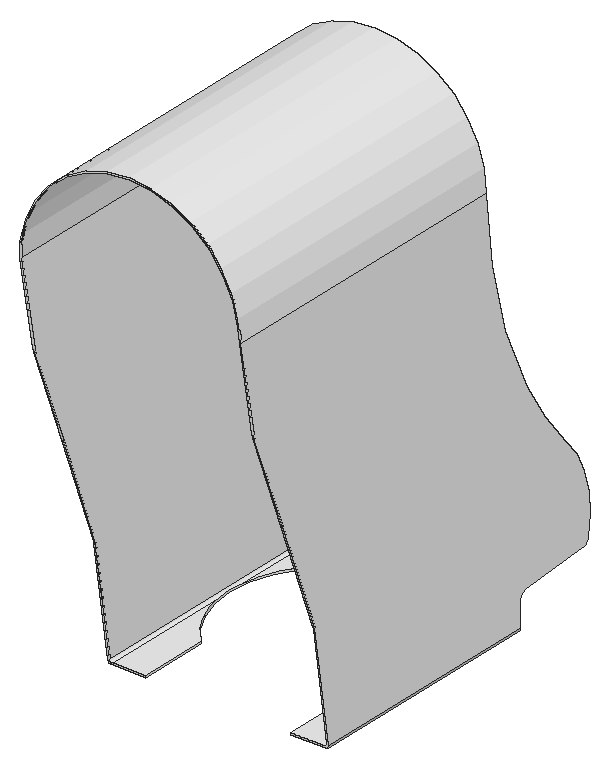
Revit family "PRD_FrankeWS_SnkMnlWtrSpplSts_SIRIUSSiphonCover_SIRX514", category Furniture, host Face, Revit 2018
Family settings
  Host = Face
  OmniClass Number = 23.45.05.14.99
  OmniClass Title = Other Sanitary Washing Plumbing Fixtures
  Cut with Voids When Loaded = No
  Shared = No
  Room Calculation Point = No
Parameters (values of type "SIRX514")
  WarrantyStartDate [instance] = "1900-12-31T23:59:59"
  WarrantyGuarantorParts = "n/a"
  WarrantyGuarantorLabor = "n/a"
  WarrantyDurationUnit = "year"
  WarrantyDurationParts = "n/a"
  WarrantyDurationLabor = "n/a"
  WarrantyDescription = "n/a"
  Version = "1"
  Uniclass2015Version = "Products v1.17"
  Uniclass2015Title = "Sink manual water supply sets"
  Uniclass2015Code = "Pr_40_20_87_82"
  URL = "www.kwc.com"
  TailorMade = "No"
  TagNumber [instance] = "n/a"
  SustainabilityPerformance = "n/a"
  Style = "n/a"
  Status = "New"
  Size = "145 x 287 x 341 mm (W x H x D)"
  Shape = "n/a"
  SerialNumber [instance] = "n/a"
  Revision = "n/a"
  ReplacementCost = "n/a"
  Reference = "n/a"
  QuantityUom = "Piece"
  Quantity = "1"
  ProductInformation = "https://pim.kwc.com/product/2000101202/attachment/datasheet?locale=en"
  ProductCode = "207.0638.422"
  NominalWidth = 145.00 mm
  NominalLength = 0.00 mm
  NominalHeight = 287.00 mm
  NominalDepth = 341.00 mm
  NetWeight = 1.67 kg
  Name = "SIRIUS Siphon cover SIRX514"
  NBSTypeID = "n/a"
  NBSReference = "45-35-70/345"
  NBSOfficeMasterTag = "n/a"
  NBSNote = "n/a"
  NBSDescription = "Water supply fittings for sinks"
  NBSCertification = "n/a"
  ModelReference = "SIRX514"
  ModelNumber = "2000101202"
  Model = ModelReference  # "SIRX514"
  Material = "Steel"
  ManufacturerURL = "www.kwc.com"
  ManufacturerName = "KWC Group AG"  # constant formula
  Manufacturer = ManufacturerName  # "KWC Group AG"
  MainMaterial = PRD_AR_Steel_NickelChromed
  MainColor = "stainless steel"
  IntegralAccessories = "fastening material incl."
  InstallationDate [instance] = "1900-12-31T23:59:59"
  IfcExportType = "USERDEFINED"
  IfcExportAs = "IfcSanitaryTerminalType"
  GrossWeight = 1.76 kg
  Grade = "n/a"
  Finish = "Nickel-chromed"
  Features = "nickel-chromium steel"
  ExpectedLife = "n/a"
  DurationUnit = "year"
  Description = "Siphon cover for disposal sink made of MIRANIT for wall mounting, made of nickel-chromium steel, fastening material included."
  Default Elevation = 1000.00 mm
  CreatedOn = "08/2021"  # constant formula
  Constituents = "n/a"
  Color = "n/a"
  CodePerformance = "n/a"
  Category = "Pr_40_20_87_82, Sink manual water supply sets"
  BarCode [instance] = "n/a"
  BIMObjectName = "PRD_AR_SinkManualWaterSupplySets_SIRIUSSiphonCover_SIRX514"
  Author = "Archispace"  # constant formula
  AssetType = "Fixed"
  AssetIdentifier [instance] = "n/a"
  AccessibilityPerformance = "n/a"
Reference planes
  plane 1 "Center (Front/Back)": y = 0
  plane 2: z = 0
  plane 3 "Center (Left/Right)": x = 0
  plane 4: y = -100.731
Forms (mm)
  Extrusion 1, solid, material "PRD_AR_Steel_NickelChromed" <- "MainMaterial", detail levels fine
    sketch origin (0, 0, 0) x (1, 0, 0) y (0, 0, 1)
      loop
        arc (-72.5, 1.9) -> (-71.944, 0.556) -> (-70.6, 0) r 1.9
        line (-70.6, 0) -> (-47.5, 0) -> (-47.5, 1) -> (-69.6, 1)
        arc (-69.6, 1) -> (-70.944, 1.556) -> (-71.5, 2.9) r 1.9
        line (-71.5, 2.9) -> (-71.5, 270)
        arc (-71.5, 270) -> (0, 341.5) -> (71.5, 270) r 71.5
        line (71.5, 270) -> (71.5, 2.9)
        arc (71.5, 2.9) -> (70.944, 1.556) -> (69.6, 1) r 1.9
        line (69.6, 1) -> (47.5, 1) -> (47.5, 0) -> (70.6, 0)
        arc (70.6, 0) -> (71.944, 0.556) -> (72.5, 1.9) r 1.9
        line (72.5, 1.9) -> (72.5, 270)
        arc (72.5, 270) -> (0, 342.5) -> (-72.5, 270) r 72.5
        line (-72.5, 270) -> (-72.5, 1.9)
    from -197.637 to 100.731
  Extrusion 2, void
    sketch origin (0, 0, 0) x (0, 1, 0) y (0, 0, 1)
      loop
        arc (-27.491, -10) -> (-38.268, 70.881) -> (-65.819, 147.685) r 385.692
        arc (-65.819, 147.685) -> (-89.616, 211.967) -> (-100.731, 279.605) r 358.145
        line (-100.731, 279.605) -> (-100.731, -10) -> (-27.491, -10)
      loop
        line (179.901, 27.006) -> (133.392, 23.303)
        arc (133.392, 23.303) -> (130.116, 21.711) -> (128.789, 18.319) r 5
        line (128.789, 18.319) -> (128.789, -10) -> (220.731, -10) -> (220.731, 350) -> (100.731, 350) -> (100.731, 270)
        arc (100.731, 270) -> (110.313, 204.015) -> (134.365, 141.827) r 297.188
        arc (134.365, 141.827) -> (149.068, 117.637) -> (166.77, 95.547) r 218.899
        arc (166.77, 95.547) -> (183.381, 65.382) -> (184.396, 30.961) r 73.357
        arc (184.396, 30.961) -> (182.806, 28.236) -> (179.901, 27.006) r 5
    from -92.481 to 90.043
  Extrusion 3, void
    sketch origin (0, 0, 0) x (1, 0, 0) y (0, 1, 0)
      loop
        line (-47.5, 17.306) -> (-47.5, 120.275)
        arc (-47.5, 120.275) -> (-70.073, 68.79) -> (-47.5, 17.306) r 70
      loop
        arc (47.5, 17.306) -> (69.928, 68.723) -> (47.5, 120.141) r 70.153
        line (47.5, 120.141) -> (47.5, 17.306)
    from -13.061 to 18.319
  Extrusion 4, solid, material "PRD_AR_Steel_NickelChromed" <- "MainMaterial", detail levels medium
    sketch origin (0, 0, 0) x (1, 0, 0) y (0, 0, 1)
      loop
        arc (-72.5, 1.9) -> (-71.944, 0.556) -> (-70.6, 0) r 1.9
        line (-70.6, 0) -> (-47.5, 0) -> (-47.5, 1) -> (-69.6, 1)
        arc (-69.6, 1) -> (-70.944, 1.556) -> (-71.5, 2.9) r 1.9
        line (-71.5, 2.9) -> (-71.5, 270)
        arc (-71.5, 270) -> (0, 341.5) -> (71.5, 270) r 71.5
        line (71.5, 270) -> (71.5, 2.9)
        arc (71.5, 2.9) -> (70.944, 1.556) -> (69.6, 1) r 1.9
        line (69.6, 1) -> (47.5, 1) -> (47.5, 0) -> (70.6, 0)
        arc (70.6, 0) -> (71.944, 0.556) -> (72.5, 1.9) r 1.9
        line (72.5, 1.9) -> (72.5, 270)
        arc (72.5, 270) -> (0, 342.5) -> (-72.5, 270) r 72.5
        line (-72.5, 270) -> (-72.5, 1.9)
    from -197.637 to 100.731
  Extrusion 5, solid, material "PRD_AR_Steel_NickelChromed" <- "MainMaterial", detail levels coarse
    sketch origin (0, 0, 0) x (1, 0, 0) y (0, 0, 1)
      loop
        line (-72.5, 0) -> (72.5, 0) -> (72.5, 270)
        arc (72.5, 270) -> (0, 342.5) -> (-72.5, 270) r 72.5
        line (-72.5, 270) -> (-72.5, 0)
    from -197.637 to 100.731
Cuts and joins
  Extrusion 2, Extrusion 3 cuts Extrusion 1
Dimensions and locks
  aligned and locked: plane 2 to host face
  aligned and locked: level to host face
